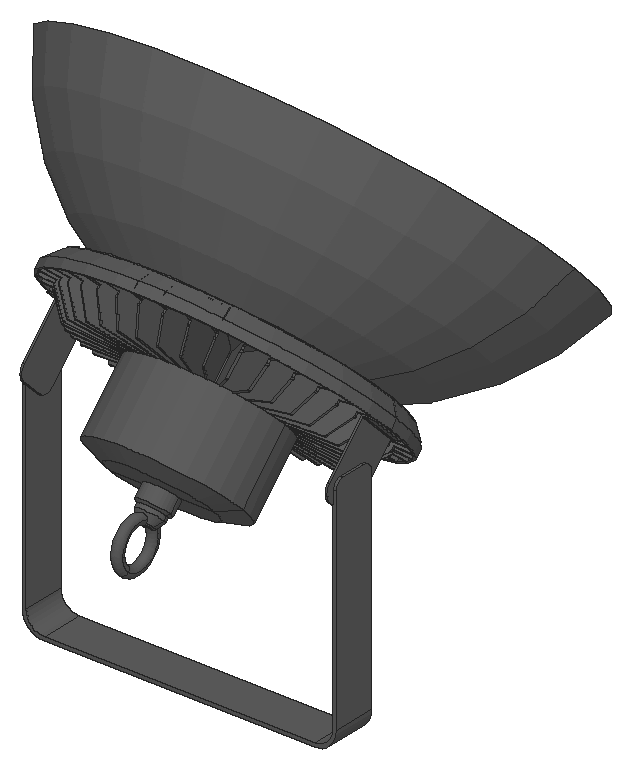
Revit family "0039365+0039353+0039357 Sylvania Lighting Fixture START HighBay IP65 DALI 13000lm 840 WB with BRACKET and ALU SHADE BLACK COLOR FOR 13 19KLM", category Lighting Fixtures, host Face, Revit 2016 (continued)
Definition of nested family "Start LED Highbay DALI Head"
  Nested families
    nested 6: "Start Highbay Rib" at (0, 0, 80.875) x (0.7071, 0.7071, 0) z (0, 0, 1), type "Type Name", detail levels medium+fine
      with SuspensionHeight_FEILO 2.6 mm, WidthStraight_FEILO 4.7 mm, WidthRingChamfer_FEILO 12.9 mm, WidthCurved_FEILO 26.2 mm, WidthCurvedRing_FEILO 4.7 mm, SizeS_FEILO no, Rib4_FEILO 14.6 mm, Rib3_FEILO 20.2 mm, Rib2_FEILO 4.5 mm, Rib1_FEILO 19 mm, RadiusDiffuser_FEILO 120 mm, RHRadius3_FEILO 8.6 mm, RHRadius2_FEILO 14 mm, RHRadius1_FEILO 17.7 mm, RHHeight4_FEILO 9.2 mm, RHHeight3_FEILO 4.6 mm, RHHeight2_FEILO 2.6 mm, RHHeight1_FEILO 17.4 mm, HeightRing_FEILO 36.8 mm, HeightRingChamfer_FEILO 26.6 mm, EyeThickness_FEILO 10.5 mm, EyeThicknessHalf_FEILO 5.25 mm, EyeInner_FEILO 17.3 mm, DriverVerticalStraight_FEILO 57 mm, DriverVerticalChamfer_FEILO 9.5 mm, DriverRadius_FEILO 76.4 mm, DriverRadiusTop_FEILO 52.4 mm, DriverBottom_FEILO 74 mm, Radius_FEILO 169.5 mm
    nested 7: "Start Highbay Rib" at (0, 0, 80.875) x (0.5878, 0.809, 0) z (0, 0, 1), type "Type Name", detail levels medium+fine
      with SuspensionHeight_FEILO 2.6 mm, WidthStraight_FEILO 4.7 mm, WidthRingChamfer_FEILO 12.9 mm, WidthCurved_FEILO 26.2 mm, WidthCurvedRing_FEILO 4.7 mm, SizeS_FEILO no, Rib4_FEILO 14.6 mm, Rib3_FEILO 20.2 mm, Rib2_FEILO 4.5 mm, Rib1_FEILO 19 mm, RadiusDiffuser_FEILO 120 mm, RHRadius3_FEILO 8.6 mm, RHRadius2_FEILO 14 mm, RHRadius1_FEILO 17.7 mm, RHHeight4_FEILO 9.2 mm, RHHeight3_FEILO 4.6 mm, RHHeight2_FEILO 2.6 mm, RHHeight1_FEILO 17.4 mm, HeightRing_FEILO 36.8 mm, HeightRingChamfer_FEILO 26.6 mm, EyeThickness_FEILO 10.5 mm, EyeThicknessHalf_FEILO 5.25 mm, EyeInner_FEILO 17.3 mm, DriverVerticalStraight_FEILO 57 mm, DriverVerticalChamfer_FEILO 9.5 mm, DriverRadius_FEILO 76.4 mm, DriverRadiusTop_FEILO 52.4 mm, DriverBottom_FEILO 74 mm, Radius_FEILO 169.5 mm
    nested 8: "Start Highbay Rib" at (0, 0, 80.875) x (0.454, 0.891, 0) z (0, 0, 1), type "Type Name", detail levels medium+fine
      with SuspensionHeight_FEILO 2.6 mm, WidthStraight_FEILO 4.7 mm, WidthRingChamfer_FEILO 12.9 mm, WidthCurved_FEILO 26.2 mm, WidthCurvedRing_FEILO 4.7 mm, SizeS_FEILO no, Rib4_FEILO 14.6 mm, Rib3_FEILO 20.2 mm, Rib2_FEILO 4.5 mm, Rib1_FEILO 19 mm, RadiusDiffuser_FEILO 120 mm, RHRadius3_FEILO 8.6 mm, RHRadius2_FEILO 14 mm, RHRadius1_FEILO 17.7 mm, RHHeight4_FEILO 9.2 mm, RHHeight3_FEILO 4.6 mm, RHHeight2_FEILO 2.6 mm, RHHeight1_FEILO 17.4 mm, HeightRing_FEILO 36.8 mm, HeightRingChamfer_FEILO 26.6 mm, EyeThickness_FEILO 10.5 mm, EyeThicknessHalf_FEILO 5.25 mm, EyeInner_FEILO 17.3 mm, DriverVerticalStraight_FEILO 57 mm, DriverVerticalChamfer_FEILO 9.5 mm, DriverRadius_FEILO 76.4 mm, DriverRadiusTop_FEILO 52.4 mm, DriverBottom_FEILO 74 mm, Radius_FEILO 169.5 mm
    nested 9: "Start Highbay Rib" at (0, 0, 80.875) x (0.309, 0.9511, 0) z (0, 0, 1), type "Type Name", detail levels medium+fine
      with SuspensionHeight_FEILO 2.6 mm, WidthStraight_FEILO 4.7 mm, WidthRingChamfer_FEILO 12.9 mm, WidthCurved_FEILO 26.2 mm, WidthCurvedRing_FEILO 4.7 mm, SizeS_FEILO no, Rib4_FEILO 14.6 mm, Rib3_FEILO 20.2 mm, Rib2_FEILO 4.5 mm, Rib1_FEILO 19 mm, RadiusDiffuser_FEILO 120 mm, RHRadius3_FEILO 8.6 mm, RHRadius2_FEILO 14 mm, RHRadius1_FEILO 17.7 mm, RHHeight4_FEILO 9.2 mm, RHHeight3_FEILO 4.6 mm, RHHeight2_FEILO 2.6 mm, RHHeight1_FEILO 17.4 mm, HeightRing_FEILO 36.8 mm, HeightRingChamfer_FEILO 26.6 mm, EyeThickness_FEILO 10.5 mm, EyeThicknessHalf_FEILO 5.25 mm, EyeInner_FEILO 17.3 mm, DriverVerticalStraight_FEILO 57 mm, DriverVerticalChamfer_FEILO 9.5 mm, DriverRadius_FEILO 76.4 mm, DriverRadiusTop_FEILO 52.4 mm, DriverBottom_FEILO 74 mm, Radius_FEILO 169.5 mm
    nested 10: "Start Highbay Rib" at (0, 0, 80.875) x (0.1564, 0.9877, 0) z (0, 0, 1), type "Type Name", detail levels medium+fine
      with SuspensionHeight_FEILO 2.6 mm, WidthStraight_FEILO 4.7 mm, WidthRingChamfer_FEILO 12.9 mm, WidthCurved_FEILO 26.2 mm, WidthCurvedRing_FEILO 4.7 mm, SizeS_FEILO no, Rib4_FEILO 14.6 mm, Rib3_FEILO 20.2 mm, Rib2_FEILO 4.5 mm, Rib1_FEILO 19 mm, RadiusDiffuser_FEILO 120 mm, RHRadius3_FEILO 8.6 mm, RHRadius2_FEILO 14 mm, RHRadius1_FEILO 17.7 mm, RHHeight4_FEILO 9.2 mm, RHHeight3_FEILO 4.6 mm, RHHeight2_FEILO 2.6 mm, RHHeight1_FEILO 17.4 mm, HeightRing_FEILO 36.8 mm, HeightRingChamfer_FEILO 26.6 mm, EyeThickness_FEILO 10.5 mm, EyeThicknessHalf_FEILO 5.25 mm, EyeInner_FEILO 17.3 mm, DriverVerticalStraight_FEILO 57 mm, DriverVerticalChamfer_FEILO 9.5 mm, DriverRadius_FEILO 76.4 mm, DriverRadiusTop_FEILO 52.4 mm, DriverBottom_FEILO 74 mm, Radius_FEILO 169.5 mm
    nested 11: "Start Highbay Rib" at (0, 0, 80.875) x (0, 1, 0) z (0, 0, 1), type "Type Name", detail levels medium+fine
      with SuspensionHeight_FEILO 2.6 mm, WidthStraight_FEILO 4.7 mm, WidthRingChamfer_FEILO 12.9 mm, WidthCurved_FEILO 26.2 mm, WidthCurvedRing_FEILO 4.7 mm, SizeS_FEILO no, Rib4_FEILO 14.6 mm, Rib3_FEILO 20.2 mm, Rib2_FEILO 4.5 mm, Rib1_FEILO 19 mm, RadiusDiffuser_FEILO 120 mm, RHRadius3_FEILO 8.6 mm, RHRadius2_FEILO 14 mm, RHRadius1_FEILO 17.7 mm, RHHeight4_FEILO 9.2 mm, RHHeight3_FEILO 4.6 mm, RHHeight2_FEILO 2.6 mm, RHHeight1_FEILO 17.4 mm, HeightRing_FEILO 36.8 mm, HeightRingChamfer_FEILO 26.6 mm, EyeThickness_FEILO 10.5 mm, EyeThicknessHalf_FEILO 5.25 mm, EyeInner_FEILO 17.3 mm, DriverVerticalStraight_FEILO 57 mm, DriverVerticalChamfer_FEILO 9.5 mm, DriverRadius_FEILO 76.4 mm, DriverRadiusTop_FEILO 52.4 mm, DriverBottom_FEILO 74 mm, Radius_FEILO 169.5 mm
    nested 12: "Start Highbay Rib" at (0, 0, 80.875) x (-0.1564, 0.9877, 0) z (0, 0, 1), type "Type Name", detail levels medium+fine
      with SuspensionHeight_FEILO 2.6 mm, WidthStraight_FEILO 4.7 mm, WidthRingChamfer_FEILO 12.9 mm, WidthCurved_FEILO 26.2 mm, WidthCurvedRing_FEILO 4.7 mm, SizeS_FEILO no, Rib4_FEILO 14.6 mm, Rib3_FEILO 20.2 mm, Rib2_FEILO 4.5 mm, Rib1_FEILO 19 mm, RadiusDiffuser_FEILO 120 mm, RHRadius3_FEILO 8.6 mm, RHRadius2_FEILO 14 mm, RHRadius1_FEILO 17.7 mm, RHHeight4_FEILO 9.2 mm, RHHeight3_FEILO 4.6 mm, RHHeight2_FEILO 2.6 mm, RHHeight1_FEILO 17.4 mm, HeightRing_FEILO 36.8 mm, HeightRingChamfer_FEILO 26.6 mm, EyeThickness_FEILO 10.5 mm, EyeThicknessHalf_FEILO 5.25 mm, EyeInner_FEILO 17.3 mm, DriverVerticalStraight_FEILO 57 mm, DriverVerticalChamfer_FEILO 9.5 mm, DriverRadius_FEILO 76.4 mm, DriverRadiusTop_FEILO 52.4 mm, DriverBottom_FEILO 74 mm, Radius_FEILO 169.5 mm
    nested 13: "Start Highbay Rib" at (0, 0, 80.875) x (-0.309, 0.9511, 0) z (0, 0, 1), type "Type Name", detail levels medium+fine
      with SuspensionHeight_FEILO 2.6 mm, WidthStraight_FEILO 4.7 mm, WidthRingChamfer_FEILO 12.9 mm, WidthCurved_FEILO 26.2 mm, WidthCurvedRing_FEILO 4.7 mm, SizeS_FEILO no, Rib4_FEILO 14.6 mm, Rib3_FEILO 20.2 mm, Rib2_FEILO 4.5 mm, Rib1_FEILO 19 mm, RadiusDiffuser_FEILO 120 mm, RHRadius3_FEILO 8.6 mm, RHRadius2_FEILO 14 mm, RHRadius1_FEILO 17.7 mm, RHHeight4_FEILO 9.2 mm, RHHeight3_FEILO 4.6 mm, RHHeight2_FEILO 2.6 mm, RHHeight1_FEILO 17.4 mm, HeightRing_FEILO 36.8 mm, HeightRingChamfer_FEILO 26.6 mm, EyeThickness_FEILO 10.5 mm, EyeThicknessHalf_FEILO 5.25 mm, EyeInner_FEILO 17.3 mm, DriverVerticalStraight_FEILO 57 mm, DriverVerticalChamfer_FEILO 9.5 mm, DriverRadius_FEILO 76.4 mm, DriverRadiusTop_FEILO 52.4 mm, DriverBottom_FEILO 74 mm, Radius_FEILO 169.5 mm
    nested 14: "Start Highbay Rib" at (0, 0, 80.875) x (-0.454, 0.891, 0) z (0, 0, 1), type "Type Name", detail levels medium+fine
      with SuspensionHeight_FEILO 2.6 mm, WidthStraight_FEILO 4.7 mm, WidthRingChamfer_FEILO 12.9 mm, WidthCurved_FEILO 26.2 mm, WidthCurvedRing_FEILO 4.7 mm, SizeS_FEILO no, Rib4_FEILO 14.6 mm, Rib3_FEILO 20.2 mm, Rib2_FEILO 4.5 mm, Rib1_FEILO 19 mm, RadiusDiffuser_FEILO 120 mm, RHRadius3_FEILO 8.6 mm, RHRadius2_FEILO 14 mm, RHRadius1_FEILO 17.7 mm, RHHeight4_FEILO 9.2 mm, RHHeight3_FEILO 4.6 mm, RHHeight2_FEILO 2.6 mm, RHHeight1_FEILO 17.4 mm, HeightRing_FEILO 36.8 mm, HeightRingChamfer_FEILO 26.6 mm, EyeThickness_FEILO 10.5 mm, EyeThicknessHalf_FEILO 5.25 mm, EyeInner_FEILO 17.3 mm, DriverVerticalStraight_FEILO 57 mm, DriverVerticalChamfer_FEILO 9.5 mm, DriverRadius_FEILO 76.4 mm, DriverRadiusTop_FEILO 52.4 mm, DriverBottom_FEILO 74 mm, Radius_FEILO 169.5 mm
    nested 15: "Start Highbay Rib" at (0, 0, 80.875) x (-0.5878, 0.809, 0) z (0, 0, 1), type "Type Name", detail levels medium+fine
      with SuspensionHeight_FEILO 2.6 mm, WidthStraight_FEILO 4.7 mm, WidthRingChamfer_FEILO 12.9 mm, WidthCurved_FEILO 26.2 mm, WidthCurvedRing_FEILO 4.7 mm, SizeS_FEILO no, Rib4_FEILO 14.6 mm, Rib3_FEILO 20.2 mm, Rib2_FEILO 4.5 mm, Rib1_FEILO 19 mm, RadiusDiffuser_FEILO 120 mm, RHRadius3_FEILO 8.6 mm, RHRadius2_FEILO 14 mm, RHRadius1_FEILO 17.7 mm, RHHeight4_FEILO 9.2 mm, RHHeight3_FEILO 4.6 mm, RHHeight2_FEILO 2.6 mm, RHHeight1_FEILO 17.4 mm, HeightRing_FEILO 36.8 mm, HeightRingChamfer_FEILO 26.6 mm, EyeThickness_FEILO 10.5 mm, EyeThicknessHalf_FEILO 5.25 mm, EyeInner_FEILO 17.3 mm, DriverVerticalStraight_FEILO 57 mm, DriverVerticalChamfer_FEILO 9.5 mm, DriverRadius_FEILO 76.4 mm, DriverRadiusTop_FEILO 52.4 mm, DriverBottom_FEILO 74 mm, Radius_FEILO 169.5 mm
    nested 16: "Start Highbay Rib" at (0, 0, 80.875) x (-0.7071, 0.7071, 0) z (0, 0, 1), type "Type Name", detail levels medium+fine
      with SuspensionHeight_FEILO 2.6 mm, WidthStraight_FEILO 4.7 mm, WidthRingChamfer_FEILO 12.9 mm, WidthCurved_FEILO 26.2 mm, WidthCurvedRing_FEILO 4.7 mm, SizeS_FEILO no, Rib4_FEILO 14.6 mm, Rib3_FEILO 20.2 mm, Rib2_FEILO 4.5 mm, Rib1_FEILO 19 mm, RadiusDiffuser_FEILO 120 mm, RHRadius3_FEILO 8.6 mm, RHRadius2_FEILO 14 mm, RHRadius1_FEILO 17.7 mm, RHHeight4_FEILO 9.2 mm, RHHeight3_FEILO 4.6 mm, RHHeight2_FEILO 2.6 mm, RHHeight1_FEILO 17.4 mm, HeightRing_FEILO 36.8 mm, HeightRingChamfer_FEILO 26.6 mm, EyeThickness_FEILO 10.5 mm, EyeThicknessHalf_FEILO 5.25 mm, EyeInner_FEILO 17.3 mm, DriverVerticalStraight_FEILO 57 mm, DriverVerticalChamfer_FEILO 9.5 mm, DriverRadius_FEILO 76.4 mm, DriverRadiusTop_FEILO 52.4 mm, DriverBottom_FEILO 74 mm, Radius_FEILO 169.5 mm
    nested 17: "Start Highbay Rib" at (0, 0, 80.875) x (-0.809, 0.5878, 0) z (0, 0, 1), type "Type Name", detail levels medium+fine
      with SuspensionHeight_FEILO 2.6 mm, WidthStraight_FEILO 4.7 mm, WidthRingChamfer_FEILO 12.9 mm, WidthCurved_FEILO 26.2 mm, WidthCurvedRing_FEILO 4.7 mm, SizeS_FEILO no, Rib4_FEILO 14.6 mm, Rib3_FEILO 20.2 mm, Rib2_FEILO 4.5 mm, Rib1_FEILO 19 mm, RadiusDiffuser_FEILO 120 mm, RHRadius3_FEILO 8.6 mm, RHRadius2_FEILO 14 mm, RHRadius1_FEILO 17.7 mm, RHHeight4_FEILO 9.2 mm, RHHeight3_FEILO 4.6 mm, RHHeight2_FEILO 2.6 mm, RHHeight1_FEILO 17.4 mm, HeightRing_FEILO 36.8 mm, HeightRingChamfer_FEILO 26.6 mm, EyeThickness_FEILO 10.5 mm, EyeThicknessHalf_FEILO 5.25 mm, EyeInner_FEILO 17.3 mm, DriverVerticalStraight_FEILO 57 mm, DriverVerticalChamfer_FEILO 9.5 mm, DriverRadius_FEILO 76.4 mm, DriverRadiusTop_FEILO 52.4 mm, DriverBottom_FEILO 74 mm, Radius_FEILO 169.5 mm
    nested 18: "Start Highbay Rib" at (0, 0, 80.875) x (-0.891, 0.454, 0) z (0, 0, 1), type "Type Name", detail levels medium+fine
      with SuspensionHeight_FEILO 2.6 mm, WidthStraight_FEILO 4.7 mm, WidthRingChamfer_FEILO 12.9 mm, WidthCurved_FEILO 26.2 mm, WidthCurvedRing_FEILO 4.7 mm, SizeS_FEILO no, Rib4_FEILO 14.6 mm, Rib3_FEILO 20.2 mm, Rib2_FEILO 4.5 mm, Rib1_FEILO 19 mm, RadiusDiffuser_FEILO 120 mm, RHRadius3_FEILO 8.6 mm, RHRadius2_FEILO 14 mm, RHRadius1_FEILO 17.7 mm, RHHeight4_FEILO 9.2 mm, RHHeight3_FEILO 4.6 mm, RHHeight2_FEILO 2.6 mm, RHHeight1_FEILO 17.4 mm, HeightRing_FEILO 36.8 mm, HeightRingChamfer_FEILO 26.6 mm, EyeThickness_FEILO 10.5 mm, EyeThicknessHalf_FEILO 5.25 mm, EyeInner_FEILO 17.3 mm, DriverVerticalStraight_FEILO 57 mm, DriverVerticalChamfer_FEILO 9.5 mm, DriverRadius_FEILO 76.4 mm, DriverRadiusTop_FEILO 52.4 mm, DriverBottom_FEILO 74 mm, Radius_FEILO 169.5 mm
    nested 19: "Start Highbay Rib" at (0, 0, 80.875) x (-0.9511, 0.309, 0) z (0, 0, 1), type "Type Name", detail levels medium+fine
      with SuspensionHeight_FEILO 2.6 mm, WidthStraight_FEILO 4.7 mm, WidthRingChamfer_FEILO 12.9 mm, WidthCurved_FEILO 26.2 mm, WidthCurvedRing_FEILO 4.7 mm, SizeS_FEILO no, Rib4_FEILO 14.6 mm, Rib3_FEILO 20.2 mm, Rib2_FEILO 4.5 mm, Rib1_FEILO 19 mm, RadiusDiffuser_FEILO 120 mm, RHRadius3_FEILO 8.6 mm, RHRadius2_FEILO 14 mm, RHRadius1_FEILO 17.7 mm, RHHeight4_FEILO 9.2 mm, RHHeight3_FEILO 4.6 mm, RHHeight2_FEILO 2.6 mm, RHHeight1_FEILO 17.4 mm, HeightRing_FEILO 36.8 mm, HeightRingChamfer_FEILO 26.6 mm, EyeThickness_FEILO 10.5 mm, EyeThicknessHalf_FEILO 5.25 mm, EyeInner_FEILO 17.3 mm, DriverVerticalStraight_FEILO 57 mm, DriverVerticalChamfer_FEILO 9.5 mm, DriverRadius_FEILO 76.4 mm, DriverRadiusTop_FEILO 52.4 mm, DriverBottom_FEILO 74 mm, Radius_FEILO 169.5 mm
    nested 20: "Start Highbay Rib" at (0, 0, 80.875) x (-0.9877, 0.1564, 0) z (0, 0, 1), type "Type Name", detail levels medium+fine
      with SuspensionHeight_FEILO 2.6 mm, WidthStraight_FEILO 4.7 mm, WidthRingChamfer_FEILO 12.9 mm, WidthCurved_FEILO 26.2 mm, WidthCurvedRing_FEILO 4.7 mm, SizeS_FEILO no, Rib4_FEILO 14.6 mm, Rib3_FEILO 20.2 mm, Rib2_FEILO 4.5 mm, Rib1_FEILO 19 mm, RadiusDiffuser_FEILO 120 mm, RHRadius3_FEILO 8.6 mm, RHRadius2_FEILO 14 mm, RHRadius1_FEILO 17.7 mm, RHHeight4_FEILO 9.2 mm, RHHeight3_FEILO 4.6 mm, RHHeight2_FEILO 2.6 mm, RHHeight1_FEILO 17.4 mm, HeightRing_FEILO 36.8 mm, HeightRingChamfer_FEILO 26.6 mm, EyeThickness_FEILO 10.5 mm, EyeThicknessHalf_FEILO 5.25 mm, EyeInner_FEILO 17.3 mm, DriverVerticalStraight_FEILO 57 mm, DriverVerticalChamfer_FEILO 9.5 mm, DriverRadius_FEILO 76.4 mm, DriverRadiusTop_FEILO 52.4 mm, DriverBottom_FEILO 74 mm, Radius_FEILO 169.5 mm
    nested 21: "Start Highbay Rib" at (0, 0, 80.875) x (-1, 0, 0) z (0, 0, 1), type "Type Name", detail levels medium+fine
      with SuspensionHeight_FEILO 2.6 mm, WidthStraight_FEILO 4.7 mm, WidthRingChamfer_FEILO 12.9 mm, WidthCurved_FEILO 26.2 mm, WidthCurvedRing_FEILO 4.7 mm, SizeS_FEILO no, Rib4_FEILO 14.6 mm, Rib3_FEILO 20.2 mm, Rib2_FEILO 4.5 mm, Rib1_FEILO 19 mm, RadiusDiffuser_FEILO 120 mm, RHRadius3_FEILO 8.6 mm, RHRadius2_FEILO 14 mm, RHRadius1_FEILO 17.7 mm, RHHeight4_FEILO 9.2 mm, RHHeight3_FEILO 4.6 mm, RHHeight2_FEILO 2.6 mm, RHHeight1_FEILO 17.4 mm, HeightRing_FEILO 36.8 mm, HeightRingChamfer_FEILO 26.6 mm, EyeThickness_FEILO 10.5 mm, EyeThicknessHalf_FEILO 5.25 mm, EyeInner_FEILO 17.3 mm, DriverVerticalStraight_FEILO 57 mm, DriverVerticalChamfer_FEILO 9.5 mm, DriverRadius_FEILO 76.4 mm, DriverRadiusTop_FEILO 52.4 mm, DriverBottom_FEILO 74 mm, Radius_FEILO 169.5 mm
    nested 22: "Start Highbay Rib" at (0, 0, 80.875) x (-0.9877, -0.1564, 0) z (0, 0, 1), type "Type Name", detail levels medium+fine
      with SuspensionHeight_FEILO 2.6 mm, WidthStraight_FEILO 4.7 mm, WidthRingChamfer_FEILO 12.9 mm, WidthCurved_FEILO 26.2 mm, WidthCurvedRing_FEILO 4.7 mm, SizeS_FEILO no, Rib4_FEILO 14.6 mm, Rib3_FEILO 20.2 mm, Rib2_FEILO 4.5 mm, Rib1_FEILO 19 mm, RadiusDiffuser_FEILO 120 mm, RHRadius3_FEILO 8.6 mm, RHRadius2_FEILO 14 mm, RHRadius1_FEILO 17.7 mm, RHHeight4_FEILO 9.2 mm, RHHeight3_FEILO 4.6 mm, RHHeight2_FEILO 2.6 mm, RHHeight1_FEILO 17.4 mm, HeightRing_FEILO 36.8 mm, HeightRingChamfer_FEILO 26.6 mm, EyeThickness_FEILO 10.5 mm, EyeThicknessHalf_FEILO 5.25 mm, EyeInner_FEILO 17.3 mm, DriverVerticalStraight_FEILO 57 mm, DriverVerticalChamfer_FEILO 9.5 mm, DriverRadius_FEILO 76.4 mm, DriverRadiusTop_FEILO 52.4 mm, DriverBottom_FEILO 74 mm, Radius_FEILO 169.5 mm
    nested 23: "Start Highbay Rib" at (0, 0, 80.875) x (-0.9511, -0.309, 0) z (0, 0, 1), type "Type Name", detail levels medium+fine
      with SuspensionHeight_FEILO 2.6 mm, WidthStraight_FEILO 4.7 mm, WidthRingChamfer_FEILO 12.9 mm, WidthCurved_FEILO 26.2 mm, WidthCurvedRing_FEILO 4.7 mm, SizeS_FEILO no, Rib4_FEILO 14.6 mm, Rib3_FEILO 20.2 mm, Rib2_FEILO 4.5 mm, Rib1_FEILO 19 mm, RadiusDiffuser_FEILO 120 mm, RHRadius3_FEILO 8.6 mm, RHRadius2_FEILO 14 mm, RHRadius1_FEILO 17.7 mm, RHHeight4_FEILO 9.2 mm, RHHeight3_FEILO 4.6 mm, RHHeight2_FEILO 2.6 mm, RHHeight1_FEILO 17.4 mm, HeightRing_FEILO 36.8 mm, HeightRingChamfer_FEILO 26.6 mm, EyeThickness_FEILO 10.5 mm, EyeThicknessHalf_FEILO 5.25 mm, EyeInner_FEILO 17.3 mm, DriverVerticalStraight_FEILO 57 mm, DriverVerticalChamfer_FEILO 9.5 mm, DriverRadius_FEILO 76.4 mm, DriverRadiusTop_FEILO 52.4 mm, DriverBottom_FEILO 74 mm, Radius_FEILO 169.5 mm
    nested 24: "Start Highbay Rib" at (0, 0, 80.875) x (-0.891, -0.454, 0) z (0, 0, 1), type "Type Name", detail levels medium+fine
      with SuspensionHeight_FEILO 2.6 mm, WidthStraight_FEILO 4.7 mm, WidthRingChamfer_FEILO 12.9 mm, WidthCurved_FEILO 26.2 mm, WidthCurvedRing_FEILO 4.7 mm, SizeS_FEILO no, Rib4_FEILO 14.6 mm, Rib3_FEILO 20.2 mm, Rib2_FEILO 4.5 mm, Rib1_FEILO 19 mm, RadiusDiffuser_FEILO 120 mm, RHRadius3_FEILO 8.6 mm, RHRadius2_FEILO 14 mm, RHRadius1_FEILO 17.7 mm, RHHeight4_FEILO 9.2 mm, RHHeight3_FEILO 4.6 mm, RHHeight2_FEILO 2.6 mm, RHHeight1_FEILO 17.4 mm, HeightRing_FEILO 36.8 mm, HeightRingChamfer_FEILO 26.6 mm, EyeThickness_FEILO 10.5 mm, EyeThicknessHalf_FEILO 5.25 mm, EyeInner_FEILO 17.3 mm, DriverVerticalStraight_FEILO 57 mm, DriverVerticalChamfer_FEILO 9.5 mm, DriverRadius_FEILO 76.4 mm, DriverRadiusTop_FEILO 52.4 mm, DriverBottom_FEILO 74 mm, Radius_FEILO 169.5 mm
    nested 25: "Start Highbay Rib" at (0, 0, 80.875) x (-0.809, -0.5878, 0) z (0, 0, 1), type "Type Name", detail levels medium+fine
      with SuspensionHeight_FEILO 2.6 mm, WidthStraight_FEILO 4.7 mm, WidthRingChamfer_FEILO 12.9 mm, WidthCurved_FEILO 26.2 mm, WidthCurvedRing_FEILO 4.7 mm, SizeS_FEILO no, Rib4_FEILO 14.6 mm, Rib3_FEILO 20.2 mm, Rib2_FEILO 4.5 mm, Rib1_FEILO 19 mm, RadiusDiffuser_FEILO 120 mm, RHRadius3_FEILO 8.6 mm, RHRadius2_FEILO 14 mm, RHRadius1_FEILO 17.7 mm, RHHeight4_FEILO 9.2 mm, RHHeight3_FEILO 4.6 mm, RHHeight2_FEILO 2.6 mm, RHHeight1_FEILO 17.4 mm, HeightRing_FEILO 36.8 mm, HeightRingChamfer_FEILO 26.6 mm, EyeThickness_FEILO 10.5 mm, EyeThicknessHalf_FEILO 5.25 mm, EyeInner_FEILO 17.3 mm, DriverVerticalStraight_FEILO 57 mm, DriverVerticalChamfer_FEILO 9.5 mm, DriverRadius_FEILO 76.4 mm, DriverRadiusTop_FEILO 52.4 mm, DriverBottom_FEILO 74 mm, Radius_FEILO 169.5 mm
    nested 26: "Start Highbay Rib" at (0, 0, 80.875) x (-0.7071, -0.7071, 0) z (0, 0, 1), type "Type Name", detail levels medium+fine
      with SuspensionHeight_FEILO 2.6 mm, WidthStraight_FEILO 4.7 mm, WidthRingChamfer_FEILO 12.9 mm, WidthCurved_FEILO 26.2 mm, WidthCurvedRing_FEILO 4.7 mm, SizeS_FEILO no, Rib4_FEILO 14.6 mm, Rib3_FEILO 20.2 mm, Rib2_FEILO 4.5 mm, Rib1_FEILO 19 mm, RadiusDiffuser_FEILO 120 mm, RHRadius3_FEILO 8.6 mm, RHRadius2_FEILO 14 mm, RHRadius1_FEILO 17.7 mm, RHHeight4_FEILO 9.2 mm, RHHeight3_FEILO 4.6 mm, RHHeight2_FEILO 2.6 mm, RHHeight1_FEILO 17.4 mm, HeightRing_FEILO 36.8 mm, HeightRingChamfer_FEILO 26.6 mm, EyeThickness_FEILO 10.5 mm, EyeThicknessHalf_FEILO 5.25 mm, EyeInner_FEILO 17.3 mm, DriverVerticalStraight_FEILO 57 mm, DriverVerticalChamfer_FEILO 9.5 mm, DriverRadius_FEILO 76.4 mm, DriverRadiusTop_FEILO 52.4 mm, DriverBottom_FEILO 74 mm, Radius_FEILO 169.5 mm
    nested 27: "Start Highbay Rib" at (0, 0, 80.875) x (-0.5878, -0.809, 0) z (0, 0, 1), type "Type Name", detail levels medium+fine
      with SuspensionHeight_FEILO 2.6 mm, WidthStraight_FEILO 4.7 mm, WidthRingChamfer_FEILO 12.9 mm, WidthCurved_FEILO 26.2 mm, WidthCurvedRing_FEILO 4.7 mm, SizeS_FEILO no, Rib4_FEILO 14.6 mm, Rib3_FEILO 20.2 mm, Rib2_FEILO 4.5 mm, Rib1_FEILO 19 mm, RadiusDiffuser_FEILO 120 mm, RHRadius3_FEILO 8.6 mm, RHRadius2_FEILO 14 mm, RHRadius1_FEILO 17.7 mm, RHHeight4_FEILO 9.2 mm, RHHeight3_FEILO 4.6 mm, RHHeight2_FEILO 2.6 mm, RHHeight1_FEILO 17.4 mm, HeightRing_FEILO 36.8 mm, HeightRingChamfer_FEILO 26.6 mm, EyeThickness_FEILO 10.5 mm, EyeThicknessHalf_FEILO 5.25 mm, EyeInner_FEILO 17.3 mm, DriverVerticalStraight_FEILO 57 mm, DriverVerticalChamfer_FEILO 9.5 mm, DriverRadius_FEILO 76.4 mm, DriverRadiusTop_FEILO 52.4 mm, DriverBottom_FEILO 74 mm, Radius_FEILO 169.5 mm
    nested 28: "Start Highbay Rib" at (0, 0, 80.875) x (-0.454, -0.891, 0) z (0, 0, 1), type "Type Name", detail levels medium+fine
      with SuspensionHeight_FEILO 2.6 mm, WidthStraight_FEILO 4.7 mm, WidthRingChamfer_FEILO 12.9 mm, WidthCurved_FEILO 26.2 mm, WidthCurvedRing_FEILO 4.7 mm, SizeS_FEILO no, Rib4_FEILO 14.6 mm, Rib3_FEILO 20.2 mm, Rib2_FEILO 4.5 mm, Rib1_FEILO 19 mm, RadiusDiffuser_FEILO 120 mm, RHRadius3_FEILO 8.6 mm, RHRadius2_FEILO 14 mm, RHRadius1_FEILO 17.7 mm, RHHeight4_FEILO 9.2 mm, RHHeight3_FEILO 4.6 mm, RHHeight2_FEILO 2.6 mm, RHHeight1_FEILO 17.4 mm, HeightRing_FEILO 36.8 mm, HeightRingChamfer_FEILO 26.6 mm, EyeThickness_FEILO 10.5 mm, EyeThicknessHalf_FEILO 5.25 mm, EyeInner_FEILO 17.3 mm, DriverVerticalStraight_FEILO 57 mm, DriverVerticalChamfer_FEILO 9.5 mm, DriverRadius_FEILO 76.4 mm, DriverRadiusTop_FEILO 52.4 mm, DriverBottom_FEILO 74 mm, Radius_FEILO 169.5 mm
    nested 29: "Start Highbay Rib" at (0, 0, 80.875) x (-0.309, -0.9511, 0) z (0, 0, 1), type "Type Name", detail levels medium+fine
      with SuspensionHeight_FEILO 2.6 mm, WidthStraight_FEILO 4.7 mm, WidthRingChamfer_FEILO 12.9 mm, WidthCurved_FEILO 26.2 mm, WidthCurvedRing_FEILO 4.7 mm, SizeS_FEILO no, Rib4_FEILO 14.6 mm, Rib3_FEILO 20.2 mm, Rib2_FEILO 4.5 mm, Rib1_FEILO 19 mm, RadiusDiffuser_FEILO 120 mm, RHRadius3_FEILO 8.6 mm, RHRadius2_FEILO 14 mm, RHRadius1_FEILO 17.7 mm, RHHeight4_FEILO 9.2 mm, RHHeight3_FEILO 4.6 mm, RHHeight2_FEILO 2.6 mm, RHHeight1_FEILO 17.4 mm, HeightRing_FEILO 36.8 mm, HeightRingChamfer_FEILO 26.6 mm, EyeThickness_FEILO 10.5 mm, EyeThicknessHalf_FEILO 5.25 mm, EyeInner_FEILO 17.3 mm, DriverVerticalStraight_FEILO 57 mm, DriverVerticalChamfer_FEILO 9.5 mm, DriverRadius_FEILO 76.4 mm, DriverRadiusTop_FEILO 52.4 mm, DriverBottom_FEILO 74 mm, Radius_FEILO 169.5 mm
    nested 30: "Start Highbay Rib" at (0, 0, 80.875) x (-0.1564, -0.9877, 0) z (0, 0, 1), type "Type Name", detail levels medium+fine
      with SuspensionHeight_FEILO 2.6 mm, WidthStraight_FEILO 4.7 mm, WidthRingChamfer_FEILO 12.9 mm, WidthCurved_FEILO 26.2 mm, WidthCurvedRing_FEILO 4.7 mm, SizeS_FEILO no, Rib4_FEILO 14.6 mm, Rib3_FEILO 20.2 mm, Rib2_FEILO 4.5 mm, Rib1_FEILO 19 mm, RadiusDiffuser_FEILO 120 mm, RHRadius3_FEILO 8.6 mm, RHRadius2_FEILO 14 mm, RHRadius1_FEILO 17.7 mm, RHHeight4_FEILO 9.2 mm, RHHeight3_FEILO 4.6 mm, RHHeight2_FEILO 2.6 mm, RHHeight1_FEILO 17.4 mm, HeightRing_FEILO 36.8 mm, HeightRingChamfer_FEILO 26.6 mm, EyeThickness_FEILO 10.5 mm, EyeThicknessHalf_FEILO 5.25 mm, EyeInner_FEILO 17.3 mm, DriverVerticalStraight_FEILO 57 mm, DriverVerticalChamfer_FEILO 9.5 mm, DriverRadius_FEILO 76.4 mm, DriverRadiusTop_FEILO 52.4 mm, DriverBottom_FEILO 74 mm, Radius_FEILO 169.5 mm
    nested 31: "Start Highbay Rib" at (0, 0, 80.875) x (0, -1, 0) z (0, 0, 1), type "Type Name", detail levels medium+fine
      with SuspensionHeight_FEILO 2.6 mm, WidthStraight_FEILO 4.7 mm, WidthRingChamfer_FEILO 12.9 mm, WidthCurved_FEILO 26.2 mm, WidthCurvedRing_FEILO 4.7 mm, SizeS_FEILO no, Rib4_FEILO 14.6 mm, Rib3_FEILO 20.2 mm, Rib2_FEILO 4.5 mm, Rib1_FEILO 19 mm, RadiusDiffuser_FEILO 120 mm, RHRadius3_FEILO 8.6 mm, RHRadius2_FEILO 14 mm, RHRadius1_FEILO 17.7 mm, RHHeight4_FEILO 9.2 mm, RHHeight3_FEILO 4.6 mm, RHHeight2_FEILO 2.6 mm, RHHeight1_FEILO 17.4 mm, HeightRing_FEILO 36.8 mm, HeightRingChamfer_FEILO 26.6 mm, EyeThickness_FEILO 10.5 mm, EyeThicknessHalf_FEILO 5.25 mm, EyeInner_FEILO 17.3 mm, DriverVerticalStraight_FEILO 57 mm, DriverVerticalChamfer_FEILO 9.5 mm, DriverRadius_FEILO 76.4 mm, DriverRadiusTop_FEILO 52.4 mm, DriverBottom_FEILO 74 mm, Radius_FEILO 169.5 mm
    nested 32: "Start Highbay Rib" at (0, 0, 80.875) x (0.1564, -0.9877, 0) z (0, 0, 1), type "Type Name", detail levels medium+fine
      with SuspensionHeight_FEILO 2.6 mm, WidthStraight_FEILO 4.7 mm, WidthRingChamfer_FEILO 12.9 mm, WidthCurved_FEILO 26.2 mm, WidthCurvedRing_FEILO 4.7 mm, SizeS_FEILO no, Rib4_FEILO 14.6 mm, Rib3_FEILO 20.2 mm, Rib2_FEILO 4.5 mm, Rib1_FEILO 19 mm, RadiusDiffuser_FEILO 120 mm, RHRadius3_FEILO 8.6 mm, RHRadius2_FEILO 14 mm, RHRadius1_FEILO 17.7 mm, RHHeight4_FEILO 9.2 mm, RHHeight3_FEILO 4.6 mm, RHHeight2_FEILO 2.6 mm, RHHeight1_FEILO 17.4 mm, HeightRing_FEILO 36.8 mm, HeightRingChamfer_FEILO 26.6 mm, EyeThickness_FEILO 10.5 mm, EyeThicknessHalf_FEILO 5.25 mm, EyeInner_FEILO 17.3 mm, DriverVerticalStraight_FEILO 57 mm, DriverVerticalChamfer_FEILO 9.5 mm, DriverRadius_FEILO 76.4 mm, DriverRadiusTop_FEILO 52.4 mm, DriverBottom_FEILO 74 mm, Radius_FEILO 169.5 mm
    nested 33: "Start Highbay Rib" at (0, 0, 80.875) x (0.309, -0.9511, 0) z (0, 0, 1), type "Type Name", detail levels medium+fine
      with SuspensionHeight_FEILO 2.6 mm, WidthStraight_FEILO 4.7 mm, WidthRingChamfer_FEILO 12.9 mm, WidthCurved_FEILO 26.2 mm, WidthCurvedRing_FEILO 4.7 mm, SizeS_FEILO no, Rib4_FEILO 14.6 mm, Rib3_FEILO 20.2 mm, Rib2_FEILO 4.5 mm, Rib1_FEILO 19 mm, RadiusDiffuser_FEILO 120 mm, RHRadius3_FEILO 8.6 mm, RHRadius2_FEILO 14 mm, RHRadius1_FEILO 17.7 mm, RHHeight4_FEILO 9.2 mm, RHHeight3_FEILO 4.6 mm, RHHeight2_FEILO 2.6 mm, RHHeight1_FEILO 17.4 mm, HeightRing_FEILO 36.8 mm, HeightRingChamfer_FEILO 26.6 mm, EyeThickness_FEILO 10.5 mm, EyeThicknessHalf_FEILO 5.25 mm, EyeInner_FEILO 17.3 mm, DriverVerticalStraight_FEILO 57 mm, DriverVerticalChamfer_FEILO 9.5 mm, DriverRadius_FEILO 76.4 mm, DriverRadiusTop_FEILO 52.4 mm, DriverBottom_FEILO 74 mm, Radius_FEILO 169.5 mm
    nested 34: "Start Highbay Rib" at (0, 0, 80.875) x (0.454, -0.891, 0) z (0, 0, 1), type "Type Name", detail levels medium+fine
      with SuspensionHeight_FEILO 2.6 mm, WidthStraight_FEILO 4.7 mm, WidthRingChamfer_FEILO 12.9 mm, WidthCurved_FEILO 26.2 mm, WidthCurvedRing_FEILO 4.7 mm, SizeS_FEILO no, Rib4_FEILO 14.6 mm, Rib3_FEILO 20.2 mm, Rib2_FEILO 4.5 mm, Rib1_FEILO 19 mm, RadiusDiffuser_FEILO 120 mm, RHRadius3_FEILO 8.6 mm, RHRadius2_FEILO 14 mm, RHRadius1_FEILO 17.7 mm, RHHeight4_FEILO 9.2 mm, RHHeight3_FEILO 4.6 mm, RHHeight2_FEILO 2.6 mm, RHHeight1_FEILO 17.4 mm, HeightRing_FEILO 36.8 mm, HeightRingChamfer_FEILO 26.6 mm, EyeThickness_FEILO 10.5 mm, EyeThicknessHalf_FEILO 5.25 mm, EyeInner_FEILO 17.3 mm, DriverVerticalStraight_FEILO 57 mm, DriverVerticalChamfer_FEILO 9.5 mm, DriverRadius_FEILO 76.4 mm, DriverRadiusTop_FEILO 52.4 mm, DriverBottom_FEILO 74 mm, Radius_FEILO 169.5 mm
    nested 35: "Start Highbay Rib" at (0, 0, 80.875) x (0.5878, -0.809, 0) z (0, 0, 1), type "Type Name", detail levels medium+fine
      with SuspensionHeight_FEILO 2.6 mm, WidthStraight_FEILO 4.7 mm, WidthRingChamfer_FEILO 12.9 mm, WidthCurved_FEILO 26.2 mm, WidthCurvedRing_FEILO 4.7 mm, SizeS_FEILO no, Rib4_FEILO 14.6 mm, Rib3_FEILO 20.2 mm, Rib2_FEILO 4.5 mm, Rib1_FEILO 19 mm, RadiusDiffuser_FEILO 120 mm, RHRadius3_FEILO 8.6 mm, RHRadius2_FEILO 14 mm, RHRadius1_FEILO 17.7 mm, RHHeight4_FEILO 9.2 mm, RHHeight3_FEILO 4.6 mm, RHHeight2_FEILO 2.6 mm, RHHeight1_FEILO 17.4 mm, HeightRing_FEILO 36.8 mm, HeightRingChamfer_FEILO 26.6 mm, EyeThickness_FEILO 10.5 mm, EyeThicknessHalf_FEILO 5.25 mm, EyeInner_FEILO 17.3 mm, DriverVerticalStraight_FEILO 57 mm, DriverVerticalChamfer_FEILO 9.5 mm, DriverRadius_FEILO 76.4 mm, DriverRadiusTop_FEILO 52.4 mm, DriverBottom_FEILO 74 mm, Radius_FEILO 169.5 mm
    nested 36: "Start Highbay Rib" at (0, 0, 80.875) x (0.7071, -0.7071, 0) z (0, 0, 1), type "Type Name", detail levels medium+fine
      with SuspensionHeight_FEILO 2.6 mm, WidthStraight_FEILO 4.7 mm, WidthRingChamfer_FEILO 12.9 mm, WidthCurved_FEILO 26.2 mm, WidthCurvedRing_FEILO 4.7 mm, SizeS_FEILO no, Rib4_FEILO 14.6 mm, Rib3_FEILO 20.2 mm, Rib2_FEILO 4.5 mm, Rib1_FEILO 19 mm, RadiusDiffuser_FEILO 120 mm, RHRadius3_FEILO 8.6 mm, RHRadius2_FEILO 14 mm, RHRadius1_FEILO 17.7 mm, RHHeight4_FEILO 9.2 mm, RHHeight3_FEILO 4.6 mm, RHHeight2_FEILO 2.6 mm, RHHeight1_FEILO 17.4 mm, HeightRing_FEILO 36.8 mm, HeightRingChamfer_FEILO 26.6 mm, EyeThickness_FEILO 10.5 mm, EyeThicknessHalf_FEILO 5.25 mm, EyeInner_FEILO 17.3 mm, DriverVerticalStraight_FEILO 57 mm, DriverVerticalChamfer_FEILO 9.5 mm, DriverRadius_FEILO 76.4 mm, DriverRadiusTop_FEILO 52.4 mm, DriverBottom_FEILO 74 mm, Radius_FEILO 169.5 mm
    nested 37: "Start Highbay Rib" at (0, 0, 80.875) x (0.809, -0.5878, 0) z (0, 0, 1), type "Type Name", detail levels medium+fine
      with SuspensionHeight_FEILO 2.6 mm, WidthStraight_FEILO 4.7 mm, WidthRingChamfer_FEILO 12.9 mm, WidthCurved_FEILO 26.2 mm, WidthCurvedRing_FEILO 4.7 mm, SizeS_FEILO no, Rib4_FEILO 14.6 mm, Rib3_FEILO 20.2 mm, Rib2_FEILO 4.5 mm, Rib1_FEILO 19 mm, RadiusDiffuser_FEILO 120 mm, RHRadius3_FEILO 8.6 mm, RHRadius2_FEILO 14 mm, RHRadius1_FEILO 17.7 mm, RHHeight4_FEILO 9.2 mm, RHHeight3_FEILO 4.6 mm, RHHeight2_FEILO 2.6 mm, RHHeight1_FEILO 17.4 mm, HeightRing_FEILO 36.8 mm, HeightRingChamfer_FEILO 26.6 mm, EyeThickness_FEILO 10.5 mm, EyeThicknessHalf_FEILO 5.25 mm, EyeInner_FEILO 17.3 mm, DriverVerticalStraight_FEILO 57 mm, DriverVerticalChamfer_FEILO 9.5 mm, DriverRadius_FEILO 76.4 mm, DriverRadiusTop_FEILO 52.4 mm, DriverBottom_FEILO 74 mm, Radius_FEILO 169.5 mm
    nested 38: "Start Highbay Rib" at (0, 0, 80.875) x (0.891, -0.454, 0) z (0, 0, 1), type "Type Name", detail levels medium+fine
      with SuspensionHeight_FEILO 2.6 mm, WidthStraight_FEILO 4.7 mm, WidthRingChamfer_FEILO 12.9 mm, WidthCurved_FEILO 26.2 mm, WidthCurvedRing_FEILO 4.7 mm, SizeS_FEILO no, Rib4_FEILO 14.6 mm, Rib3_FEILO 20.2 mm, Rib2_FEILO 4.5 mm, Rib1_FEILO 19 mm, RadiusDiffuser_FEILO 120 mm, RHRadius3_FEILO 8.6 mm, RHRadius2_FEILO 14 mm, RHRadius1_FEILO 17.7 mm, RHHeight4_FEILO 9.2 mm, RHHeight3_FEILO 4.6 mm, RHHeight2_FEILO 2.6 mm, RHHeight1_FEILO 17.4 mm, HeightRing_FEILO 36.8 mm, HeightRingChamfer_FEILO 26.6 mm, EyeThickness_FEILO 10.5 mm, EyeThicknessHalf_FEILO 5.25 mm, EyeInner_FEILO 17.3 mm, DriverVerticalStraight_FEILO 57 mm, DriverVerticalChamfer_FEILO 9.5 mm, DriverRadius_FEILO 76.4 mm, DriverRadiusTop_FEILO 52.4 mm, DriverBottom_FEILO 74 mm, Radius_FEILO 169.5 mm
    nested 39: "Start Highbay Rib" at (0, 0, 80.875) x (0.9511, -0.309, 0) z (0, 0, 1), type "Type Name", detail levels medium+fine
      with SuspensionHeight_FEILO 2.6 mm, WidthStraight_FEILO 4.7 mm, WidthRingChamfer_FEILO 12.9 mm, WidthCurved_FEILO 26.2 mm, WidthCurvedRing_FEILO 4.7 mm, SizeS_FEILO no, Rib4_FEILO 14.6 mm, Rib3_FEILO 20.2 mm, Rib2_FEILO 4.5 mm, Rib1_FEILO 19 mm, RadiusDiffuser_FEILO 120 mm, RHRadius3_FEILO 8.6 mm, RHRadius2_FEILO 14 mm, RHRadius1_FEILO 17.7 mm, RHHeight4_FEILO 9.2 mm, RHHeight3_FEILO 4.6 mm, RHHeight2_FEILO 2.6 mm, RHHeight1_FEILO 17.4 mm, HeightRing_FEILO 36.8 mm, HeightRingChamfer_FEILO 26.6 mm, EyeThickness_FEILO 10.5 mm, EyeThicknessHalf_FEILO 5.25 mm, EyeInner_FEILO 17.3 mm, DriverVerticalStraight_FEILO 57 mm, DriverVerticalChamfer_FEILO 9.5 mm, DriverRadius_FEILO 76.4 mm, DriverRadiusTop_FEILO 52.4 mm, DriverBottom_FEILO 74 mm, Radius_FEILO 169.5 mm
    nested 40: "Start Highbay Rib" at (0, 0, 80.875) x (0.9877, -0.1564, 0) z (0, 0, 1), type "Type Name", detail levels medium+fine
      with SuspensionHeight_FEILO 2.6 mm, WidthStraight_FEILO 4.7 mm, WidthRingChamfer_FEILO 12.9 mm, WidthCurved_FEILO 26.2 mm, WidthCurvedRing_FEILO 4.7 mm, SizeS_FEILO no, Rib4_FEILO 14.6 mm, Rib3_FEILO 20.2 mm, Rib2_FEILO 4.5 mm, Rib1_FEILO 19 mm, RadiusDiffuser_FEILO 120 mm, RHRadius3_FEILO 8.6 mm, RHRadius2_FEILO 14 mm, RHRadius1_FEILO 17.7 mm, RHHeight4_FEILO 9.2 mm, RHHeight3_FEILO 4.6 mm, RHHeight2_FEILO 2.6 mm, RHHeight1_FEILO 17.4 mm, HeightRing_FEILO 36.8 mm, HeightRingChamfer_FEILO 26.6 mm, EyeThickness_FEILO 10.5 mm, EyeThicknessHalf_FEILO 5.25 mm, EyeInner_FEILO 17.3 mm, DriverVerticalStraight_FEILO 57 mm, DriverVerticalChamfer_FEILO 9.5 mm, DriverRadius_FEILO 76.4 mm, DriverRadiusTop_FEILO 52.4 mm, DriverBottom_FEILO 74 mm, Radius_FEILO 169.5 mm
  Definition of nested family "Start Highbay Rib"
    Parameters (values of type "Type Name")
      WidthStraight_FEILO = if(SizeS_FEILO, 3 mm, if(SizeM_FEILO, 4 mm, 4.7 mm))  # 3 mm
      WidthRingChamfer_FEILO = if(SizeS_FEILO, 10.3 mm, if(SizeM_FEILO, 11.2 mm, 12.9 mm))  # 10.3 mm
      WidthCurved_FEILO = if(SizeS_FEILO, 17.4 mm, if(SizeM_FEILO, 16.4 mm, 26.2 mm))  # 17.4 mm
      WidthCurvedRing_FEILO = if(SizeS_FEILO, 3 mm, if(SizeM_FEILO, 4 mm, 4.7 mm))  # 3 mm
      WidthBracket_FEILO = 40 mm
      URL = "http://www.feilosylvania.com"
      Type Image = (empty or 0)
      Type Comments = "n/a"
      ThicknessWall_FEILO = 1.5 mm
      ThicknessBracket_FEILO = 1.5 mm
      ThicknessBracketHalf_FEILO = ThicknessBracket_FEILO / 2  # 0.75 mm
      SuspensionHeight_FEILO [instance] = 2.6 mm
      SizeS_FEILO = yes
      SizeM_FEILO = no
      Rib4_FEILO = if(SizeS_FEILO, 18.1 mm, if(SizeM_FEILO, 13.6 mm, 14.6 mm))  # 18.1 mm
      Rib3_FEILO = if(SizeS_FEILO, 15.3 mm, if(SizeM_FEILO, 17.6 mm, 20.2 mm))  # 15.3 mm
      Rib2_FEILO = if(SizeS_FEILO, 3.6 mm, if(SizeM_FEILO, 3.9 mm, 4.5 mm))  # 3.6 mm
      Rib1_FEILO = if(SizeS_FEILO, 15.1 mm, if(SizeM_FEILO, 16.5 mm, 19 mm))  # 15.1 mm
      RadiusRib_FEILO = 2 mm
      RadiusDiffuser_FEILO = if(SizeS_FEILO, 95.2 mm, if(SizeM_FEILO, 105.3 mm, 120 mm))  # 95.2 mm
      RHRadius3_FEILO = if(SizeS_FEILO, 6.6 mm, if(SizeM_FEILO, 7.4 mm, 8.6 mm))  # 6.6 mm
      RHRadius2_FEILO = if(SizeS_FEILO, 11 mm, if(SizeM_FEILO, 12 mm, 14 mm))  # 11 mm
      RHRadius1_FEILO = if(SizeS_FEILO, 13.6 mm, if(SizeM_FEILO, 14.9 mm, 17.7 mm))  # 13.6 mm
      RHHeight4_FEILO = if(SizeS_FEILO, 7.3 mm, if(SizeM_FEILO, 8 mm, 9.2 mm))  # 7.3 mm
      RHHeight3_FEILO = if(SizeS_FEILO, 3.6 mm, if(SizeM_FEILO, 3.7 mm, 4.6 mm))  # 3.6 mm
      RHHeight2_FEILO = if(SizeS_FEILO, 2 mm, if(SizeM_FEILO, 2.2 mm, 2.6 mm))  # 2 mm
      RHHeight1_FEILO = if(SizeS_FEILO, 11.8 mm, if(SizeM_FEILO, 15.3 mm, 17.4 mm))  # 11.8 mm
      Material_3_FEILO = none
      Model = ""
      Manufacturer = "Feilo Sylvania"
      Keynote = "16500"
      HeightRing_FEILO = if(SizeS_FEILO, 19.8 mm, if(SizeM_FEILO, 32 mm, 36.8 mm))  # 19.8 mm
      HeightRingChamfer_FEILO = if(SizeS_FEILO, 11.7 mm, if(SizeM_FEILO, 23.2 mm, 26.6 mm))  # 11.7 mm
      EyeThickness_FEILO = if(SizeS_FEILO, 8.4 mm, if(SizeM_FEILO, 9.2 mm, 10.5 mm))  # 8.4 mm
      EyeThicknessHalf_FEILO = EyeThickness_FEILO / 2  # 4.2 mm
      EyeInner_FEILO = if(SizeS_FEILO, 13.8 mm, if(SizeM_FEILO, 15.1 mm, 17.3 mm))  # 13.8 mm
      DriverVerticalStraight_FEILO = if(SizeS_FEILO, 46.5 mm, if(SizeM_FEILO, 49.7 mm, 57 mm))  # 46.5 mm
      DriverVerticalChamfer_FEILO = if(SizeS_FEILO, 7.5 mm, if(SizeM_FEILO, 8.2 mm, 9.5 mm))  # 7.5 mm
      DriverRadius_FEILO = if(SizeS_FEILO, 61.4 mm, if(SizeM_FEILO, 67.2 mm, 76.4 mm))  # 61.4 mm
      DriverRadiusTop_FEILO = if(SizeS_FEILO, 42 mm, if(SizeM_FEILO, 45.3 mm, 52.4 mm))  # 42 mm
      DriverBottom_FEILO = if(SizeS_FEILO, 56 mm, if(SizeM_FEILO, 64.5 mm, 74 mm))  # 56 mm
      Material_2_FEILO = none
      Radius_FEILO = if(SizeS_FEILO, 135 mm, if(SizeM_FEILO, 148 mm, 169.5 mm))  # 135 mm
      Description = ""
      Default Elevation = 1219.2 mm
      Cost = 0
      Material_1_FEILO = none
      Assembly Code = "D5020200"
      Material_4_FEILO = none
    Reference planes
      plane 1 "Center (Front/Back)": y = 0
      plane 2: z = 0
      plane 3 "Center (Left/Right)": x = 0
      plane 4: z = 2.6
      plane 5: x = -135
      plane 6: x = -124.7
      plane 7: z = -9.1
      plane 8: z = -17.2
      plane 9: x = -121.7
      plane 10: z = -0.025
      plane 11: x = -104.3
      plane 12: x = -95.2
      plane 13: x = -118.7
      plane 14: z = 0.975
      plane 15: z = -1.025
      plane 16: x = -92.2
      plane 17: z = -2.025
      plane 18: x = -133.5
      plane 19: x = -119.9
      plane 20: z = -20.8
      plane 21: x = -104.6
      plane 22: z = -38.9
      plane 23: x = -20
      plane 24: z = -53.4
      plane 25: x = -61.4
      plane 26: z = -99.9
      plane 27: x = -42
      plane 28: z = -107.4
      plane 29: x = -13.6
      plane 30: z = -119.2
      plane 31: z = -121.2
      plane 32: x = -11
      plane 33: z = -124.8
      plane 34: z = -132.1
      plane 35: x = -6.6
      plane 36: z = -145.9
      plane 37: z = -159.7
      plane 38: x = 4.2
      plane 39: x = -4.2
      plane 40: z = -168.1
      plane 41: z = -163.9
      plane 42: x = -129.1
      plane 43: x = -132.5
      plane 44: z = -18.7
      plane 45: x = -123.2
      plane 46: z = -76.65
      plane 47: y = -20
      plane 48: y = 20
      plane 49: x = 135
      plane 50: x = 124.7
      plane 51: x = 133.5
      plane 52: x = 129.1
      plane 53: x = 132.5
      plane 54: x = 123.2
      plane 55: y = 0.75
      plane 56: y = -0.75
    Forms (mm)
      Extrusion 1, solid
        sketch origin (4.2, 0, 0) x (1, 0, 0) y (0, 1, 0)
          loop
            line (-1219.2, 1219.2) -> (-1219.2, -1219.2) -> (1219.2, -1219.2) -> (1219.2, 1219.2) -> (-1219.2, 1219.2)
        from 0 to -68.017
      Extrusion 2, solid, material <- "Material_1_FEILO"
        sketch origin (0, 0, 0) x (1, 0, 0) y (0, 0, 1)
          loop
            arc (-104.3, -0.025) -> (-111.555, 0.423) -> (-118.7, 1.76) r 58.981
            line (-118.7, 1.76) -> (-118.7, -0.025) -> (-125.012, -0.025) -> (-133.5, -9.666) -> (-133.5, -17.2) -> (-119.9, -17.2) -> (-119.9, -20.068)
            arc (-119.9, -20.068) -> (-119.778, -20.755) -> (-119.427, -21.359) r 2
            line (-119.427, -21.359) -> (-104.966, -38.467)
            arc (-104.966, -38.467) -> (-104.381, -38.789) -> (-103.723, -38.9) r 2
            line (-103.723, -38.9) -> (-20, -38.9) -> (-20, -9.1) -> (-95.2, -9.1) -> (-95.2, -2.025) -> (-104.3, -2.025) -> (-104.3, -0.025)
        from -0.75 to 0.75
    Lines and regions (mm)
      reference lines
        curve 1: line (-135, 0, -9.1) -> (-124.7, 0, 2.6)
        curve 2: line (-104.3, 0, -0.025) -> (0, 0, -0.025)
        curve 3: arc (-104.3, 0, -0.025) -> (-113.098, 0, 0.635) -> (-121.7, 0, 2.6) r 58.981
        curve 4: line (-124.7, 0, 2.6) -> (-121.7, 0, 2.6)
        curve 5: line (-125.012, 0, -0.025) -> (-133.5, 0, -9.666)
        curve 6: line (-119.9, 0, -20.8) -> (-104.6, 0, -38.9)
    Dimensions and locks
      "Radius_FEILO": plane 3 "Center (Left/Right)" to plane 5
      "WidthRingChamfer_FEILO": plane 6 to plane 5
      "WidthStraight_FEILO": plane 9 to plane 6
      "WidthCurvedRing_FEILO": plane 13 to plane 9
      locked: plane 10 to plane 15 at 1
      locked: plane 14 to plane 10 at 1
      locked: plane 4 to plane 10 at 2.625
      locked: plane 15 to plane 17 at 1
      "ThicknessWall_FEILO": plane 18 to plane 5
      "ThicknessWall_FEILO": curve 5 to curve 1
      "HeightRingChamfer_FEILO": plane 4 to plane 7
      "HeightRing_FEILO": plane 4 to plane 8
      "RadiusDiffuser_FEILO": plane 3 "Center (Left/Right)" to plane 12
      locked: plane 16 to plane 12 at 3
      "WidthCurved_FEILO": plane 11 to plane 9
      "SuspensionHeight_FEILO": plane 4 to plane 2
      "Rib1_FEILO": plane 19 to plane 5
      "Rib2_FEILO": plane 8 to plane 20
      "Rib3_FEILO": plane 21 to plane 19
      "Rib4_FEILO": plane 20 to plane 22
      locked: plane 3 "Center (Left/Right)" to plane 23 at 20
      "DriverBottom_FEILO": plane 4 to plane 24
      "DriverRadius_FEILO": plane 3 "Center (Left/Right)" to plane 25
      "DriverVerticalStraight_FEILO": plane 24 to plane 26
      "DriverRadiusTop_FEILO": plane 3 "Center (Left/Right)" to plane 27
      "DriverVerticalChamfer_FEILO": plane 26 to plane 28
      "RHRadius1_FEILO": plane 3 "Center (Left/Right)" to plane 29
      "RHHeight2_FEILO": plane 30 to plane 31
      "RHRadius2_FEILO": plane 3 "Center (Left/Right)" to plane 32
      "RHHeight3_FEILO": plane 31 to plane 33
      "RHHeight4_FEILO": plane 33 to plane 34
      "RHRadius3_FEILO": plane 3 "Center (Left/Right)" to plane 35
      "RHHeight1_FEILO": plane 28 to plane 30
      "EyeInner_FEILO": plane 34 to plane 36
      "EyeInner_FEILO": plane 36 to plane 37
      equal spacing: plane 38, plane 3 "Center (Left/Right)", plane 39
      "EyeThickness_FEILO": plane 38 to plane 39
      "EyeThickness_FEILO": plane 37 to plane 40
      equal spacing: plane 37, plane 41, plane 40
      equal spacing: plane 6, plane 42, plane 18
      "ThicknessBracket_FEILO": plane 45 to plane 6
      "ThicknessBracket_FEILO": plane 8 to plane 44
      locked: plane 43 to plane 18 at 1
      equal spacing: plane 24, plane 46, plane 26
      equal spacing: plane 47, plane 1 "Center (Front/Back)", plane 48
      "WidthBracket_FEILO": plane 47 to plane 48
      "WidthRingChamfer_FEILO": plane 50 to plane 49
      "ThicknessWall_FEILO": plane 51 to plane 49
      equal spacing: plane 50, plane 52, plane 51
      "ThicknessBracket_FEILO": plane 54 to plane 50
      locked: plane 53 to plane 51 at 1
      "Radius_FEILO": plane 49 to plane 3 "Center (Left/Right)"
      equal spacing: plane 56, plane 1 "Center (Front/Back)", plane 55
      "ThicknessWall_FEILO": plane 56 to plane 55
      "RadiusRib_FEILO": radius of Extrusion 2 sketch curve  (x2)
      aligned and locked: plane 2 to Extrusion 1
      aligned and locked: level to Extrusion 1
      aligned and locked: plane 5 to curve 1
      aligned and locked: plane 6 to curve 1
      aligned and locked: plane 7 to curve 1
      aligned and locked: plane 10 to curve 2
      aligned and locked: plane 9 to curve 3
      aligned and locked: plane 4 to curve 3
      aligned and locked: plane 11 to curve 3
      aligned and locked: plane 4 to curve 4
      aligned and locked: plane 18 to curve 5
      aligned and locked: plane 10 to curve 5
      aligned and locked: plane 22 to curve 6
      aligned and locked: plane 21 to curve 6
      aligned and locked: plane 20 to curve 6
      aligned and locked: plane 19 to curve 6
      aligned and locked: Extrusion 2 sketch curve to plane 23
      aligned and locked: Extrusion 2 sketch curve to plane 22
      aligned and locked: Extrusion 2 sketch curve to curve 6
      aligned and locked: plane 19 to Extrusion 2 sketch curve
      aligned and locked: Extrusion 2 sketch curve to plane 8
      aligned and locked: Extrusion 2 sketch curve to curve 5
      aligned and locked: Extrusion 2 sketch curve to curve 3
      aligned and locked: Extrusion 2 to plane 55
      aligned and locked: plane 56 to Extrusion 2
      aligned and locked: curve 6 to Extrusion 2 sketch curve
    Automatic sketch dimensions
      Extrusion 1 sketch curve to Extrusion 1 sketch curve = 2438.4 mm  (x2)
      curve 2 to plane 3 "Center (Left/Right)" = 0 mm
      Extrusion 2 sketch curve to plane 18 = 0 mm
      Extrusion 2 sketch curve to plane 10 = 0 mm
      Extrusion 2 sketch curve to plane 13 = 0 mm
      Extrusion 2 sketch curve to plane 7 = 0 mm
      Extrusion 2 sketch curve to plane 12 = 0 mm
      Extrusion 2 sketch curve to plane 17 = 0 mm
      plane 19 to Extrusion 2 sketch curve = 0.473 mm
      Extrusion 2 sketch curve to plane 21 = 0.366 mm
